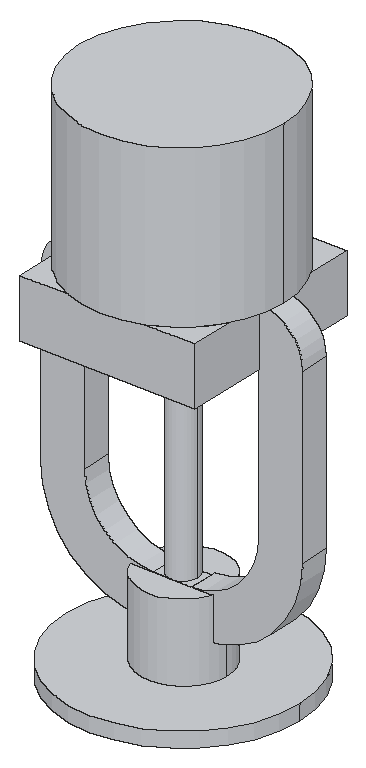
Revit family
Parameters (values of type "RASCO F156-300 PENDENT")
  Temperature Rating = 135 °F
  Response = (empty or 0)
  RASCO SIN # = "RA2514"
  RASCO Part # = "F56P0B3"
  Pressure Rating = "300 PSI"
  Pressure Class = 1
  Orifice Size = 1/2"
  Orifice = (empty or 0)
  Model = "F156-300"
  Manufacturer = "RASCO"
  K-Factor = 5.6
  Description = "BRZ. FINISH"
  Coverage = (empty or 0)
Reference planes (in)
  plane 1 "Center (Front/Back)": y = 0
  plane 2: z = 0
  plane 3 "Center (Left/Right)": x = 0
Dimensions and locks (in)
  aligned and locked: plane 2 to level
Nested families (in)
  nested 1: "F56P0B3" at (-0.0113, 0, 2.4375) x (-1, 0, 0) z (0, 0, -1), type "RASCO F156-300 PENDENT"
Connectors (in)
  piping at (-0.0113, 0, 2.4375)
    settings: on nested 1, index 1, connector radius 55/128", flow factor 0, pipe flow 0 GPM, pressure drop 0.00 psi, fitting loss kfactor 0, connector angle 0.00°, fixture units 0, flow configuration 0, flow direction 0, fitting loss method 0, system type 7, connector reference index -1, connector utility 0, adjustable connector no, is connector primary yes, fitting loss table "", connector description ""
Definition of nested family "F56P0B3"
  Parameters (values of type "RASCO F1 PENDENT")
    Type Comments = ""
    Temperature Rating = 0 °F
    Response = (empty or 0)
    Pressure Rating = "0"
    Pressure Class = (empty or 0)
    Orifice Size = 0"
    Orifice = (empty or 0)
    Model = ""
    Manufacturer = ""
    K-Factor = 0
    Description = ""
    Coverage = (empty or 0)
    Assembly Code = ""
  Reference planes (in)
    plane 1 "Center (Front/Back)": y = 0
    plane 2: z = 0
    plane 3 "ref.2": z = 0.6875
    plane 4 "ref.3": z = 0.9375
    plane 5: x = -0.38065
    plane 6: x = 0.36935
    plane 7 "ref. side 1": y = 0.06402
    plane 8 "ref. side 2": y = -0.06098
    plane 9 "ref.4": z = 1.875
    plane 10 "ref.5": z = 2.3125
    plane 11 "ref.6": z = 2.4375
  Forms (in)
    Extrusion 1, solid
      sketch origin (0, 0, 0) x (1, 0, 0) y (0, 1, 0)
        loop
          circle (0, 0) r 0.4379
      from 0 to 0.6875
    Extrusion 2, solid
      sketch origin (-0.12185, 0.05177, 0.6875) x (1, 0, 0) y (0, 1, 0)
        loop
          line (-0.2588, 0.356) -> (-0.2588, -0.4565) -> (0.4912, -0.4565) -> (0.4912, 0.356) -> (-0.2588, 0.356)
      from 0 to 0.25
    Extrusion 3, solid
      sketch origin (0, 0, 0) x (1, 0, 0) y (0, 0, 1)
        loop
          line (-0.38065, 0.68754) -> (-0.38065, 1.58397)
          arc (-0.38065, 1.58397) -> (-0.29541, 1.78976) -> (-0.08962, 1.875) r 0.29103
          line (-0.08962, 1.875) -> (0.07524, 1.875)
          arc (0.07524, 1.875) -> (0.28321, 1.78886) -> (0.36935, 1.58089) r 0.29411
          line (0.36935, 1.58089) -> (0.36935, 0.68751)
          arc (0.36935, 0.68751) -> (0.50207, 0.74393) -> (0.55685, 0.87734) r 0.18984
          line (0.55685, 0.87734) -> (0.55685, 1.61676)
          arc (0.55685, 1.61676) -> (0.42629, 1.93194) -> (0.11111, 2.0625) r 0.44574
          line (0.11111, 2.0625) -> (-0.12259, 2.0625)
          arc (-0.12259, 2.0625) -> (-0.43765, 1.932) -> (-0.56815, 1.61694) r 0.44556
          line (-0.56815, 1.61694) -> (-0.56815, 0.87876)
          arc (-0.56815, 0.87876) -> (-0.51345, 0.74486) -> (-0.38065, 0.68754) r 0.19126
      from -0.06402 to 0.06098
    Extrusion 4, solid
      sketch origin (0, 0, 0.9375) x (-1, 0, 0) y (0, -1, 0)
        loop
          circle (0.00574, -0.00152) r 0.0625
      from 0 to 0.9375
    Extrusion 5, solid
      sketch origin (0, 0, 1.875) x (-1, 0, 0) y (0, -1, 0)
        loop
          circle (0.00574, -0.00152) r 0.1875
      from 0 to 0.4375
    Extrusion 6, solid
      sketch origin (0, 0, 2.3125) x (0, -1, 0) y (1, 0, 0)
        loop
          circle (-0.00152, -0.00574) r 0.5
      from -0.10531 to -0.03987
  Cuts and joins
    joined: Extrusion 1, Extrusion 2, Extrusion 4
  Lines and regions (in)
    model lines
      curve 1: line (-0.00574, 0.06402, 1.875) -> (-0.00574, -0.06098, 1.875)
